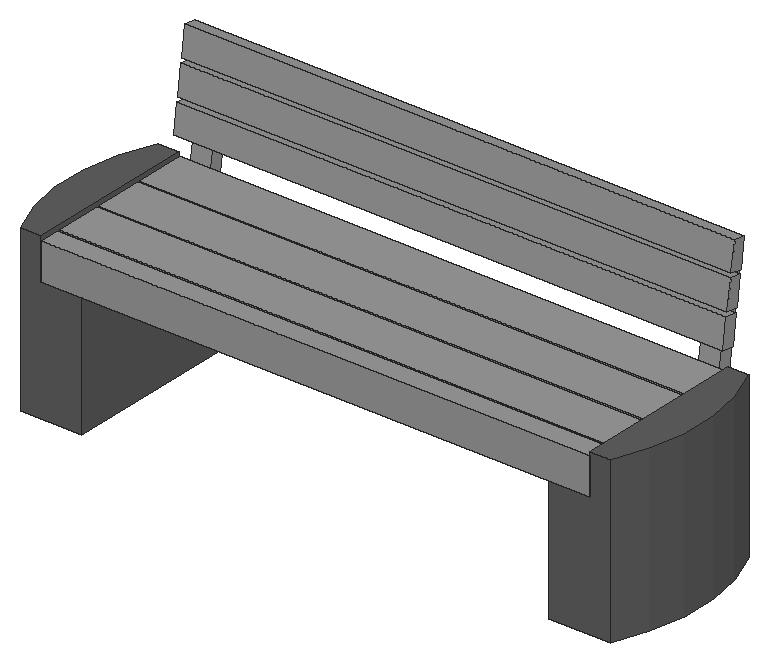
Revit family "skamya_kvantika", category Антураж, Revit 2017
Family settings
  На основе рабочей плоскости = Нет
  Всегда вертикально = Да
  При загрузке вырезать с полостями = Нет
  Источник визуального образа = Геометрия семейства
  Общий = Нет
  Точка расчета площади = Нет
Parameters (values of type ""Квантика" Черный шелк")
  Ширина = 420 mm
  Обозначение = ""
  Материал профильной трубы = Сталь
  Материал настила = Настил
  Производитель = "ГК Очаковский комбинат ЖБИ"  # constant formula
  Позиция = ""
  Поверхность = ""
  Площадь [instance] = 1.149 m²
  Описание изделия [instance] = "Для дополнительного комфорта скамья «Квантика» оснащена деревянной спинкой, что располагает посетителей длительному отдыху"
  Объем бетона = 0.048 m³
  Наименование = "Скамья \"Квантика\""
  Морозостойкость [instance] = "F150"
  Материал = Очаковский_Черный_шелк
  Масса [instance] = 119.00 kg
  Класс бетона [instance] = "В30"
  Защитное покрытие [instance] = 1.11
  Длина = 1540 mm
  Высота сиденья [instance] = 400 mm
  Watermarked By = ""
  Высота = 670 mm
  Водонепроницаемость [instance] = "W8"
  URL = "http://file-system.ru/catalog/blagoustroystvo/sadovo_parkovaya_mebel/spm_skameyki/_kvantika_skamya/"
Types (8, lengths in mm): name | Материал | URL
  (no name) | Очаковский_Черный_шелк | "http://file-system.ru/catalog/blagoustroystvo/sadovo_parkovaya_mebel/spm_skameyki/_kvantika_skamya/"
  "Квантика" Белый шелк | Очаковский_Белый_Шелк | 0
  "Квантика" Крымский берег | Очаковский_Крымский_берег | 0
  "Квантика" Московский гравий | Очаковский_Московский_гравий | 0
  "Квантика" Морская соль | Очаковский_Морская_соль | 0
  "Квантика" Черный шелк | Очаковский_Черный_шелк | "http://file-system.ru/catalog/blagoustroystvo/sadovo_parkovaya_mebel/spm_skameyki/_kvantika_skamya/"
  "Квантика" Черный глянец | Очаковский_Черный_глянец | 0
  "Квантика" Шахматка | Очаковский_Шахматка | 0
Reference planes
  plane 1 "По центру (Вперед/Назад)": y = 0
  plane 2: z = 0
  plane 3 "По центру (Влево/Вправо)": x = 0
  plane 4: z = 400
  plane 5: x = -770
  plane 6: x = 770
  plane 7: y = -210
  plane 8: y = 210
  plane 9: z = 350
  plane 10: x = 570
  plane 11: z = 300
  plane 12: y = -160
  plane 13: x = -570
  plane 14: z = 670
  plane 15: x = -645.333
  plane 16: x = -595.333
  plane 17: y = 240
  plane 18: x = 645.333
  plane 19: x = 595.333
  plane 20: through (0, 290, 337.329) normal (0, 0.1564, 0.9877)
  plane 21: through (0, 245.4, 647.361) normal (0, -0.1564, -0.9877)
  plane 22: z = 200
Forms (mm)
  Extrusion 1, solid, material "Очаковский_Черный_шелк" <- "Материал", detail levels medium+fine
    sketch origin (0, 0, 0) x (1, 0, 0) y (0, 1, 0)
      loop
        line (570, 210) -> (570, -210) -> (720, -210)
        arc (720, -210) -> (770, 0) -> (720, 210) r 466
        line (720, 210) -> (570, 210)
    from 0 to 400
  Extrusion 2, void
    sketch origin (570, 210, 1200) x (0, -1, 0) y (0, 0, 1)
      loop
        line (0, -800) -> (0, -850) -> (370, -850) -> (370, -900) -> (420, -900) -> (420, -800) -> (0, -800)
    from 0 to -100
  Extrusion 3, solid, material "Очаковский_Черный_шелк" <- "Материал", detail levels medium+fine
    sketch origin (0, 0, 0) x (-1, 0, 0) y (0, -1, 0)
      loop
        line (570, -210) -> (720, -210)
        arc (720, -210) -> (770, 0) -> (720, 210) r 466
        line (720, 210) -> (570, 210) -> (570, -210)
    from 0 to 400
  Extrusion 4, void
    sketch origin (-570, 210, 1200) x (0, -1, 0) y (0, 0, -1)
      loop
        line (0, 800) -> (420, 800) -> (420, 900) -> (370, 900) -> (370, 850) -> (0, 850) -> (0, 800)
    from 0 to -100
  Extrusion 5, solid, material "Настил" <- "Материал настила", detail levels medium+fine
    sketch origin (670, 210, 1200) x (0, -1, 0) y (0, 0, 1)
      loop
        line (370, -810) -> (370, -900) -> (420, -900) -> (420, -810) -> (370, -810)
      loop
        line (250, -810) -> (250, -850) -> (365, -850) -> (365, -810) -> (250, -810)
      loop
        line (120, -810) -> (0, -810) -> (0, -850) -> (120, -850) -> (120, -810)
      loop
        line (125, -810) -> (125, -850) -> (245, -850) -> (245, -810) -> (125, -810)
    from 0 to 1340
  Extrusion 6, solid, material "Сталь" <- "Материал профильной трубы", detail levels medium+fine
    sketch origin (0, 288.582, 337.554) x (0, 0.987688, -0.156434) y (-1, 0, 0)
      loop
        line (-79.562, 645.333) -> (-79.562, 595.333) -> (-49.562, 595.333) -> (-49.562, 645.333) -> (-79.562, 645.333)
      loop
        line (-79.562, -595.333) -> (-79.562, -645.333) -> (-49.562, -645.333) -> (-49.562, -595.333) -> (-79.562, -595.333)
    from 0 to 299.237
  Extrusion 7, solid, material "Настил" <- "Материал настила", detail levels medium+fine
    sketch origin (-670, 189.715, 1210) x (0, -1, 0) y (0, 0, 1)
      loop
        line (-29.644, -609.138) -> (-40.594, -540) -> (-70.225, -544.693) -> (-59.274, -613.831) -> (-29.644, -609.138)
      loop
        line (-17.129, -688.153) -> (-28.079, -619.015) -> (-57.71, -623.708) -> (-46.759, -692.846) -> (-17.129, -688.153)
      loop
        line (-4.614, -767.168) -> (-15.564, -698.03) -> (-45.195, -702.723) -> (-34.245, -771.861) -> (-4.614, -767.168)
    from 0 to -1340
  Extrusion 8, solid, material "Сталь" <- "Материал профильной трубы", detail levels medium+fine
    sketch origin (0, -210, 200) x (-1, 0, 0) y (0, 1, 0)
      loop
        line (645.333, 420) -> (645.333, 449.631) -> (595.333, 449.631) -> (595.333, 420) -> (645.333, 420)
      loop
        line (-645.333, 450) -> (-645.333, 420) -> (-595.333, 420) -> (-595.333, 450) -> (-645.333, 450)
    from 0 to -150
Cuts and joins
  Extrusion 2, Extrusion 4 cuts Extrusion 1
  Extrusion 4 cuts Extrusion 3
Dimensions and locks
  "Высота сиденья": plane 4 to plane 2
  equal spacing: plane 8, plane 1 "По центру (Вперед/Назад)", plane 7
  "Ширина": plane 8 to plane 7
  equal spacing: plane 5, plane 3 "По центру (Влево/Вправо)", plane 6
  "Длина": plane 5 to plane 6
  plane 9 to plane 4 = 50 mm
  plane 11 to plane 9 = 50 mm
  "Высота": plane 14 to plane 2
  locked: plane 16 to plane 13 at 25.333
  locked: Extrusion 5 to plane 15 at 24.667
  locked: plane 18 to Extrusion 5 at 24.667
  locked: plane 10 to plane 19 at 25.333
  aligned and locked: level to plane 2
  aligned and locked: plane 9 to Extrusion 2 sketch curve
  aligned and locked: plane 4 to Extrusion 2 sketch curve
  aligned and locked: plane 7 to Extrusion 2 sketch curve
  aligned and locked: plane 8 to Extrusion 2 sketch curve
  aligned and locked: plane 11 to Extrusion 2 sketch curve
  aligned and locked: Extrusion 2 sketch curve to plane 12
  aligned and locked: plane 13 to cut or joined group of Extrusion 3, Extrusion 4
  aligned and locked: Extrusion 5 sketch curve to cut or joined group of Extrusion 1, Extrusion 2, Extrusion 4  (x2)
  aligned and locked: cut or joined group of Extrusion 3, Extrusion 4 to Extrusion 5
  aligned and locked: plane 21 to Extrusion 6
  aligned and locked: plane 8 to Extrusion 8 sketch curve
  aligned and locked: plane 15 to Extrusion 8 sketch curve
  aligned and locked: Extrusion 8 sketch curve to Extrusion 6  (x2)
  aligned and locked: Extrusion 8 sketch curve to plane 18
  aligned and locked: Extrusion 8 sketch curve to plane 19
  aligned and locked: Extrusion 8 sketch curve to plane 17
  aligned and locked: Extrusion 8 sketch curve to plane 8
  aligned and locked: plane 3 "По центру (Влево/Вправо)" to nested 1
  aligned and locked: plane 1 "По центру (Вперед/Назад)" to nested 1
Automatic sketch dimensions
  plane 1 "По центру (Вперед/Назад)" to Extrusion 1 sketch curve = 0 mm
  Extrusion 1 sketch curve to plane 7 = 0 mm
  Extrusion 1 sketch curve to plane 10 = 0 mm
  Extrusion 1 sketch curve to plane 8 = 0 mm
  Extrusion 1 sketch curve to plane 10 = 266 mm
  Extrusion 1 sketch curve to plane 6 = 50 mm
  plane 1 "По центру (Вперед/Назад)" to Extrusion 3 sketch curve = 0 mm
  Extrusion 3 sketch curve to plane 7 = 0 mm
  Extrusion 3 sketch curve to plane 8 = 0 mm
  plane 5 to Extrusion 3 sketch curve = 50 mm
  Extrusion 3 sketch curve to Extrusion 3 sketch curve = 150 mm
  Extrusion 3 sketch curve to plane 3 "По центру (Влево/Вправо)" = 304 mm
  Extrusion 5 sketch curve to Extrusion 2 = 10 mm  (x4)
  Extrusion 2 to Extrusion 5 sketch curve = 0 mm  (x3)
  Extrusion 5 sketch curve to Extrusion 2 = 0 mm
  Extrusion 5 sketch curve to Extrusion 5 sketch curve = 120 mm  (x2)
  Extrusion 5 sketch curve to Extrusion 5 sketch curve = 5 mm  (x2)
  Extrusion 2 to Extrusion 5 sketch curve = 5 mm
  Extrusion 6 sketch curve to plane 15 = 0 mm
  Extrusion 6 sketch curve to plane 16 = 0 mm
  Extrusion 6 sketch curve to plane 18 = 0 mm
  Extrusion 6 sketch curve to plane 19 = 0 mm
  Extrusion 6 sketch curve to Extrusion 6 sketch curve = 0 mm
  Extrusion 6 sketch curve to Extrusion 6 sketch curve = 30 mm  (x2)
  Extrusion 5 to Extrusion 7 sketch curve = 49.94 mm
  Extrusion 5 to Extrusion 7 sketch curve = 38.989 mm
  Extrusion 7 sketch curve to Extrusion 7 sketch curve = 1.564 mm  (x4)
  Extrusion 5 to Extrusion 7 sketch curve = 26.475 mm
  Extrusion 7 sketch curve to Extrusion 7 sketch curve = 29.631 mm
  Extrusion 5 to Extrusion 7 sketch curve = 13.96 mm
  Extrusion 5 to Extrusion 7 sketch curve = 48.139 mm
  Extrusion 7 sketch curve to Extrusion 7 sketch curve = 4.693 mm
  Extrusion 7 sketch curve to Extrusion 7 sketch curve = 9.877 mm  (x4)
  Extrusion 8 sketch curve to plane 19 = 0 mm
  Extrusion 5 sketch curve to Extrusion 5 sketch curve = 115 mm
  plane 4 to Extrusion 4 sketch curve = 0 mm
  Extrusion 4 sketch curve to plane 8 = 0 mm
  Extrusion 4 sketch curve to plane 12 = 0 mm
  Extrusion 4 sketch curve to plane 7 = 0 mm
  plane 9 to Extrusion 4 sketch curve = 0 mm
  Extrusion 4 sketch curve to plane 11 = 0 mm
Nested families
  nested 1: "Скамья низкая дет" at (0, 0, 0), Высота <- "Высота", Длина <- "Длина", Ширина <- "Ширина", type "Скамья низкая дет"
    with Ширина 420 mm, Длина 1540 mm, Высота 670 mm
Definition of nested family "Скамья низкая дет"
  Parameters (values of type "Скамья низкая дет")
    Ширина [instance] = 1000 mm
    Длина [instance] = 2800 mm
    Высота [instance] = 1096.843 mm
    Watermarked By = ""
    Type Comments = "﻿﻿  ﻿          ​     ​                ﻿                     ﻿       ﻿ ﻿         ​     ​ ﻿                     ​                    ﻿       ﻿                          ﻿﻿"
    Keynote = "﻿﻿  ﻿          ​     ​                ﻿                     ﻿       ﻿ ﻿         ​     ​ ﻿                     ​                    ﻿       ﻿                          ﻿﻿"
    Description = "﻿﻿  ﻿          ​     ​                ﻿                     ﻿       ﻿ ﻿         ​     ​ ﻿                     ​                    ﻿       ﻿                          ﻿﻿"
    Assembly Code = "﻿﻿  ﻿          ​     ​                ﻿                     ﻿       ﻿ ﻿         ​     ​ ﻿                     ​                    ﻿       ﻿                          ﻿﻿"
  Reference planes
    plane 1 "По центру (Вперед/Назад)": y = 0
    plane 2: z = 0
    plane 3 "По центру (Влево/Вправо)": x = 0
    plane 4: x = -1400
    plane 5: x = 1400
    plane 6: y = -500
    plane 7: y = 500
    plane 8: z = 1096.843
  Forms (mm)
    Extrusion 1, solid, detail levels coarse
      sketch origin (0, 0, 0) x (1, 0, 0) y (0, 1, 0)
        loop
          line (-1400, 500) -> (-1400, -500) -> (1400, -500) -> (1400, 500) -> (-1400, 500)
      from 0 to 1096.843
  Dimensions and locks
    equal spacing: plane 6, plane 1 "По центру (Вперед/Назад)", plane 7
    "Ширина": plane 6 to plane 7
    equal spacing: plane 4, plane 3 "По центру (Влево/Вправо)", plane 5
    "Длина": plane 4 to plane 5
    "Высота": plane 8 to level
    aligned and locked: level to plane 2
    aligned and locked: Extrusion 1 sketch curve to plane 5
    aligned and locked: Extrusion 1 sketch curve to plane 7
    aligned and locked: Extrusion 1 sketch curve to plane 6
    aligned and locked: Extrusion 1 sketch curve to plane 4
    aligned and locked: plane 8 to Extrusion 1
  Automatic sketch dimensions
    Extrusion 1 sketch curve to plane 5 = 0 mm
